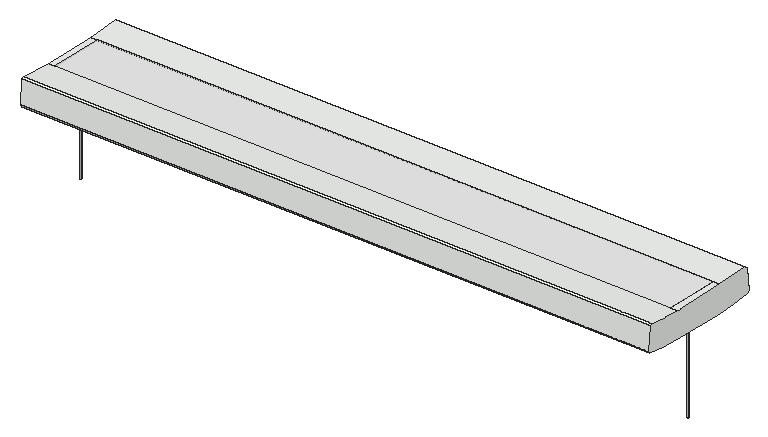
Revit family "Eaton_LightingFixture_Kachina", category Lighting Fixtures, host Face, Revit 2017
Family settings
  Host = Face
  Round Connector Dimension = Use Diameter
  Part Type = Normal
  OmniClass Number = 23.80.70.00
  OmniClass Title = Lighting
  Cut with Voids When Loaded = No
  Light Source = Yes
  Shared = No
  Room Calculation Point = No
Parameters (values of type "Eaton_LightingFixture_Kachina45.1WEM")
  Width = 292 mm  # constant formula
  Weight = 10.10 kg
  Wattage Comments = "1 x 45.1w"
  Wattage = 45.1 W
  built-in parameter 1150110 = 1 (stored number, unit not read)
  Voltage = 230 V
  URL = "http://www.cooper-ls.com/sites/cooper-ls.com/files/products/datasheets/cooper-ls-datasheet-kachina_2.pdf"
  built-in parameter 1114217 = 1 (stored number, unit not read)
  Tilt Angle = -90.00°
  built-in parameter 1150109 = 1 (stored number, unit not read)
  built-in parameter 1150134 = 3
  Suspension Length [instance] = 200 mm
  Suspension Kit Material = Eaton – (Suspension Kit, stainless steel, steel)
  built-in parameter 1150113 = 1 (stored number, unit not read)
  Special Considerations 3 = "Integrated sensor / controls available to special order"
  Special Considerations 2 = "For Silver option replace W with S"
  Special Considerations 1 = "For Continous mounting replace * with C, for individual replace * with S."
  Power Factor = 0.96
  Photometric Web File = "KCAWS15454Z.ies"
  Part No. = "ELKCAW*15454Z"
  Model = "KACHINA"
  Manufacturer = "EATON"  # constant formula
  built-in parameter 1150105 = 164.07 (stored number, unit not read)
  Lumens = 4697 lm
  built-in parameter 1150115 = 1 (stored number, unit not read)
  Load Classification = Lighting
  built-in parameter 1150137 = (empty or 0)
  built-in parameter 1150139 = (empty or 0)
  Length = 1479 mm
  built-in parameter 1150112 = 1 (stored number, unit not read)
  built-in parameter 1150114 = 1 (stored number, unit not read)
  Lamp = "LED"
  LOR = 1
  built-in parameter 1150132 = 2
  built-in parameter 1150102 = (empty or 0)
  built-in parameter 1150107 = 4000 (stored number, unit not read)
  built-in parameter 1150138 = (empty or 0)
  built-in parameter 1150106 = 1.6407 (stored number, unit not read)
  IP Rating = "IP20"
  Height = 68 mm  # constant formula
  Emergency = yes
  built-in parameter 1150104 = 9.6712 (stored number, unit not read)
  Dimming Lamp Color Temperature Shift = <None>
  Diffuser Material = Eaton – (Diffuser, acrylic microprism and dispersal diffuser combination)
  Description = "Suspended single/continous, luminaire system, extruded aluminium construction with post coat powder paint finish, high performance up down distribution with high output light engines and integrated emergency / sensor options."
  Default Elevation = 0 mm
  Dali Dimmable [instance] = no
  Color Filter = 16777215
  Circuit Watts = 45.1 W
  Body Material = Eaton – (Body, aluminium extrusion and steel - 9016 white finish)
  built-in parameter 1114218 = 1 (stored number, unit not read)
  built-in parameter 1150133 = 10 (stored number, unit not read)
  Apparent Load = Circuit Watts / Power Factor  # 46.9792 VA
Types (4, lengths in mm): name | Weight | Wattage Comments | Wattage | Photometric Web File | Part No. | Lumens | Length | Emergency | built-in parameter 1150104 | Description | Circuit Watts | Apparent Load
  Eaton_LightingFixture_Kachina45.1WEM | 10.10 kg | "1 x 45.1w" | 45.1 W | "KCAWS15454Z.ies" | "ELKCAW*15454Z" | 4697 lm | 1479 | yes | 9.6712 (stored number, unit not read) | "Suspended single/continous, luminaire system, extruded aluminium construction with post coat powder paint finish, high performance up down distribution with high output light engines and integrated emergency / sensor options." | 45.1 W | 46.9792 VA
  Eaton_LightingFixture_Kachina45.1W | 9.50 kg | "1 x 45.1w" | 45.1 W | "KCAWS15454Z.ies" | "KCAW*15454Z" | 4697 lm | 1479 | no | 9.6712 (stored number, unit not read) | "45.1W LED Dali Dimming Suspended Standalone Light Fitting" | 45.1 W | 46.9792 VA
  Eaton_LightingFixture_Kachina28.4WEM | 9.60 kg | "1 x 28.4w" | 28.4 W | "KCAWS12354Z.ies" | "ELKCAW*12354Z" | 3194 lm | 1176 | yes | 10.452 (stored number, unit not read) | "Suspended single/continous, luminaire system, extruded aluminium construction with post coat powder paint finish, high performance up down distribution with high output light engines and integrated emergency / sensor options." | 28.4 W | 29.5833 VA
  Eaton_LightingFixture_Kachina28.4W | 8.20 kg | "1 x 28.4w" | 28.4 W | "KCAWS12354Z.ies" | "KCAW*12354Z" | 3194 lm | 1176 | no | 10.452 (stored number, unit not read) | "Suspended single/continous, luminaire system, extruded aluminium construction with post coat powder paint finish, high performance up down distribution with high output light engines and integrated emergency / sensor options." | 28.4 W | 29.5833 VA
Reference planes
  plane 1 "Center (Front/Back)": y = 0
  plane 2: z = 0
  plane 3 "Center (Left/Right)": x = 0
  plane 4: x = -739.5
  plane 5: x = 739.5
  plane 6: z = 268
  plane 7: z = 200
  plane 8: x = -714.5
  plane 9: x = 714.5
  plane 10: y = 146
  plane 11: y = -146
  plane 12: y = 97.5
  plane 13: y = -97.5
  plane 14: z = 202
Forms (mm)
  Sweep 1, solid, material "Eaton – (Body, aluminium extrusion and steel - 9016 white finish)" <- "Body Material"
    path origin (-642.68, -4564.244, 200) x (-1, 0, 0) y (0, -1, 0)
      loop
        line (-1382.18, -4564.244) -> (96.82, -4564.244)
    profile origin (0, 0, 200) x (0, -1, 0) y (0, 0, 1)
      loop
        line (61.258, 0) -> (103.418, 2.041) -> (142.674, 6.385) -> (145.778, 10.25) -> (140.174, 62.34) -> (136.307, 65.596) -> (62.5, 60.85) -> (-62.5, 60.85) -> (-136.307, 65.596) -> (-140.174, 62.34) -> (-145.778, 10.25) -> (-142.674, 6.385) -> (-103.418, 2.041) -> (-61.258, 0) -> (61.258, 0)
  Sweep 2, void
    path origin (-642.68, -4564.244, 200) x (-1, 0, 0) y (0, -1, 0)
      loop
        line (-1367.18, -4564.244) -> (81.82, -4564.244)
    profile origin (0, 0, 200) x (0, -1, 0) y (0, 0, 1)
      loop
        line (-62.5, 60.85) -> (-62.5, 57.85) -> (62.5, 57.85) -> (62.5, 60.85) -> (-62.5, 60.85)
  Extrusion 3, solid, material "Eaton – (Diffuser, acrylic microprism and dispersal diffuser combination)" <- "Diffuser Material"
    sketch origin (-642.68, -4564.244, 200) x (-1, 0, 0) y (0, -1, 0)
      loop
        line (-1367.18, -4626.744) -> (81.82, -4626.744) -> (81.82, -4501.744) -> (-1367.18, -4501.744) -> (-1367.18, -4626.744)
    from 57.85 to 59.8
  Extrusion 4, solid, material "Eaton – (Suspension Kit, stainless steel, steel)" <- "Suspension Kit Material"
    sketch origin (0, 0, 0) x (1, 0, 0) y (0, 1, 0)
      loop
        circle (-714.5, 0) r 2
      loop
        circle (714.5, 0) r 2
    from 0 to 202
Cuts and joins
  Sweep 2 cuts Sweep 1
Dimensions and locks
  equal spacing: plane 4, plane 3 "Center (Left/Right)", plane 5
  "Length": plane 4 to plane 5
  "Height": plane 6 to plane 7
  "Suspension Length": plane 7 to host face
  locked: plane 4 to plane 8 at 25
  locked: plane 9 to plane 5 at 25
  equal spacing: plane 10, plane 1 "Center (Front/Back)", plane 11
  "Width": plane 10 to plane 11
  locked: plane 10 to plane 12 at 48.5
  locked: plane 13 to plane 11 at 48.5
  locked: plane 4 to Sweep 2 sketch curve at 15
  locked: Sweep 2 sketch curve to plane 5 at 15
  locked: plane 14 to plane 7 at 2
  aligned and locked: plane 2 to host face
  aligned and locked: level to host face
  aligned and locked: plane 6 to imposter light
  aligned and locked: nested 1 to plane 1 "Center (Front/Back)"
  aligned and locked: plane 3 "Center (Left/Right)" to nested 1
  aligned and locked: Sweep 1 sketch curve to plane 1 "Center (Front/Back)"
  aligned and locked: plane 4 to Sweep 1 sketch curve
  aligned and locked: plane 5 to Sweep 1 sketch curve
  aligned and locked: Sweep 2 sketch curve to plane 1 "Center (Front/Back)"
  aligned and locked: Extrusion 3 sketch curve to cut or joined group of Sweep 1, Sweep 2  (x4)
  aligned and locked: plane 8 to Extrusion 4 sketch curve
  aligned and locked: plane 9 to Extrusion 4 sketch curve
  aligned and locked: plane 14 to Extrusion 4
Automatic sketch dimensions
  host sketch curve to host sketch curve = 2438.4 mm  (x2)
  profile plane to Sweep 1 sketch curve = 145.778 mm
  Sweep 1 sketch curve to Sweep 1 sketch curve = 3.104 mm  (x2)
  Sweep 1 sketch curve to Sweep 1 sketch curve = 5.604 mm
  Sweep 1 sketch curve to Sweep 1 sketch curve = 3.867 mm  (x2)
  Sweep 1 sketch curve to Sweep 1 sketch curve = 39.256 mm  (x2)
  profile plane to Sweep 1 sketch curve = 62.5 mm
  Sweep 1 sketch curve to Sweep 1 sketch curve = 42.16 mm  (x2)
  Sweep 1 sketch curve to profile plane = 61.258 mm
  Sweep 1 sketch curve to Sweep 1 sketch curve = 1.242 mm
  Sweep 1 sketch curve to Sweep 1 sketch curve = 32.889 mm
  Sweep 1 sketch curve to plane 7 = 0 mm
  Sweep 1 sketch curve to Sweep 1 sketch curve = 2.041 mm  (x2)
  Sweep 1 sketch curve to Sweep 1 sketch curve = 4.344 mm  (x2)
  Sweep 1 sketch curve to Sweep 1 sketch curve = 3.865 mm  (x2)
  Sweep 1 sketch curve to Sweep 1 sketch curve = 60.85 mm
  Sweep 1 sketch curve to Sweep 1 sketch curve = 52.09 mm  (x2)
  Sweep 1 sketch curve to Sweep 1 sketch curve = 3.255 mm  (x2)
  profile plane to Sweep 2 sketch curve = 62.5 mm
  Sweep 2 sketch curve to profile plane = 62.5 mm
  plane 7 to Sweep 2 sketch curve = 57.85 mm
  Sweep 2 sketch curve to Sweep 2 sketch curve = 3 mm
  plane 1 "Center (Front/Back)" to Extrusion 4 sketch curve = 0 mm  (x2)
  radius of Extrusion 4 sketch curve = 2 mm  (x2)
Nested families
  nested 1: "Symbol" at (-739.5, 146, 0), type "Symbol"
Connectors
  electrical at (0, 0, 200), driven by "Load Classification", driven by "Voltage", driven by "Apparent Load", driven by "Power Factor"
    settings: on cut or joined group of Sweep 1, Sweep 2, index 1, voltage 230 V, apparent load 46.9792 VA, apparent load phase1 0 VA, apparent load phase2 0 VA, apparent load phase3 0 VA, power factor 0.96, load classification "Lighting", number of poles 1, system type 30, power factor state 1, is connector primary yes, connector utility no, sub classification motor no, connector description ""
Definition of nested family "Symbol"
  Parameters
    width = 292 mm
    length = 1233 mm
  Reference planes
    plane 1 "Center (Front/Back)": y = 0
    plane 2: z = 0
    plane 3 "Center (Left/Right)": x = 0
    plane 4: x = 1233
    plane 5: y = -292
    plane 6: x = 616.5
    plane 7: y = -146
    plane 8: y = -208.5
    plane 9: x = 15
    plane 10: x = 1218
    plane 11: y = -83.5
  Lines and regions (mm)
    Filled region 1, type "Solid Fill - Black", in view "Ref. Level"
      outline origin (0, 0, 0) x (1, 0, 0) y (0, 1, 0)
        loop
          line (15, -208.5) -> (1218, -208.5) -> (1218, -83.5) -> (15, -83.5) -> (15, -208.5)
    detail lines, in view "Ref. Level"
      curve 1: line (0, 0, 0) -> (0, -292, 0)
      curve 2: line (1233, 0, 0) -> (0, 0, 0)
      curve 3: line (1233, 0, 0) -> (1233, -292, 0)
      curve 4: line (0, -292, 0) -> (1233, -292, 0)
  Dimensions and locks
    "width": plane 5 to plane 1 "Center (Front/Back)"
    "length": plane 3 "Center (Left/Right)" to plane 4
    equal spacing: plane 3 "Center (Left/Right)", plane 6, plane 4
    equal spacing: plane 1 "Center (Front/Back)", plane 7, plane 5
    locked: plane 3 "Center (Left/Right)" to plane 9 at 15
    plane 10 to plane 4 = 15 mm
    locked: plane 11 to plane 7 at 62.5
    locked: plane 7 to plane 8 at 62.5
    aligned and locked: curve 1 to plane 3 "Center (Left/Right)"
    aligned and locked: curve 2 to plane 1 "Center (Front/Back)"
    aligned and locked: curve 3 to plane 4
    aligned and locked: curve 4 to plane 5
  Automatic sketch dimensions
    plane 11 to Filled region 1 sketch curve = 0 mm
    Filled region 1 sketch curve to plane 9 = 0 mm
    Filled region 1 sketch curve to plane 8 = 0 mm
    Filled region 1 sketch curve to plane 10 = 0 mm
